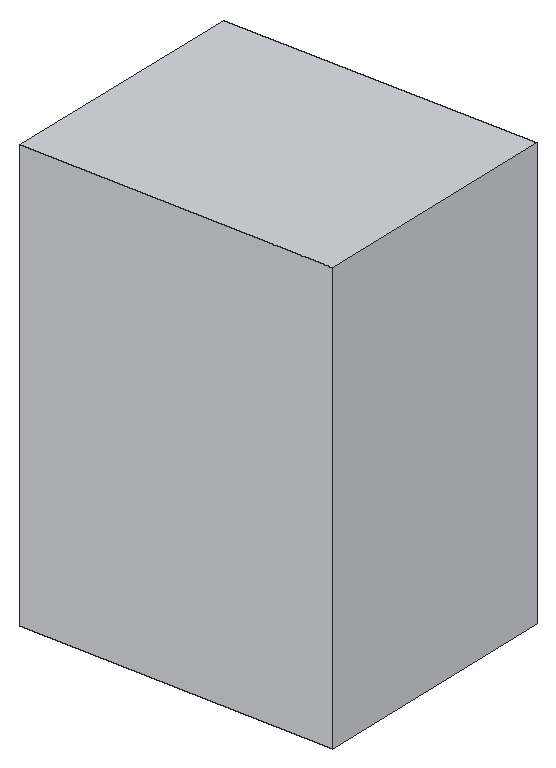
Revit family "CVC_PAC_Weishaupt_WWP-S-35-IDR", category Equipement de génie climatique, Revit 2026
Family settings
  Cote de connecteur circulaire = Utiliser le diamètre
  Type d'élément = Normal
  Basée sur le plan de construction = Non
  Toujours verticalement = Oui
  Couper avec des vides une fois chargée = Non
  Conserver l'orientation des annotations = Non
  Partagée = Non
  Repère de localisation dans la pièce = Non
Parameters (values of type "Standard")
  Modèle = "WWP S 35 IDR"
  Fabricant = "Weishaupt"
  Elévation par défaut = 0 mm
  Description = "PAC eau glycolee/eau 35 kW chaud, 40 kW froid (CCTP lot 12 ; x2)"
  Commentaires du type = "Famille simplifiee creee par l equipe : dimensions APPROXIMATIVES (800x650x1100 mm), a remplacer par celles de la fiche Weishaupt"
Reference planes
  plane 1 "Centre (avant/arrière)": y = 0
  plane 2: z = 0
  plane 3 "Centre (gauche/droite)": x = 0
Forms (mm)
  Extrusion 1, solid
    sketch origin (0, 0, 0) x (1, 0, 0) y (0, 1, 0)
      loop
        line (-400, -325) -> (400, -325) -> (400, 325) -> (-400, 325) -> (-400, -325)
    from 0 to 1100
  Extrusion 2, solid
    sketch origin (0, 0, 1100) x (1, 0, 0) y (0, 1, 0)
      loop
        circle (-250, -150) r 25
    from 0 to 60
  Extrusion 3, solid
    sketch origin (0, 0, 1100) x (1, 0, 0) y (0, 1, 0)
      loop
        circle (-120, -150) r 25
    from 0 to 60
  Extrusion 4, solid
    sketch origin (0, 0, 1100) x (1, 0, 0) y (0, 1, 0)
      loop
        circle (120, -150) r 25
    from 0 to 60
  Extrusion 5, solid
    sketch origin (0, 0, 1100) x (1, 0, 0) y (0, 1, 0)
      loop
        circle (250, -150) r 25
    from 0 to 60
Dimensions and locks
  aligned and locked: level to plane 2
Connectors
  piping at (-250, -150, 1160), diameter 50
    settings: on Extrusion 2, index 1, connector inside diameter 609.6 mm, connector length 0 mm, flow factor 0, pipe flow 0.0 L/s, pressure drop 0.0 Pa, fitting loss kfactor 0, connector angle 0.00°, fixture units 0, engagement length 0 mm, angle of deflection 0.00°, flow configuration 0, flow direction 0, fitting loss method 0, system type 7, joint type 0, gender type 0, connector reference index -1, connector utility 0, adjustable connector no, is connector primary yes, connector description "Depart chauffage/froid"
  piping at (-120, -150, 1160), diameter 50
    settings: on Extrusion 3, index 2, connector inside diameter 609.6 mm, connector length 0 mm, flow factor 0, pipe flow 0.0 L/s, pressure drop 0.0 Pa, fitting loss kfactor 0, connector angle 0.00°, fixture units 0, engagement length 0 mm, angle of deflection 0.00°, flow configuration 0, flow direction 0, fitting loss method 0, system type 8, joint type 0, gender type 0, connector reference index -1, connector utility 0, adjustable connector no, is connector primary no, connector description "Retour chauffage/froid"
  piping at (120, -150, 1160), diameter 50
    settings: on Extrusion 4, index 3, connector inside diameter 609.6 mm, connector length 0 mm, flow factor 0, pipe flow 0.0 L/s, pressure drop 0.0 Pa, fitting loss kfactor 0, connector angle 0.00°, fixture units 0, engagement length 0 mm, angle of deflection 0.00°, flow configuration 0, flow direction 0, fitting loss method 0, system type 22, joint type 0, gender type 0, connector reference index -1, connector utility 0, adjustable connector no, is connector primary no, connector description "Depart sondes geothermiques"
  piping at (250, -150, 1160), diameter 50
    settings: on Extrusion 5, index 4, connector inside diameter 609.6 mm, connector length 0 mm, flow factor 0, pipe flow 0.0 L/s, pressure drop 0.0 Pa, fitting loss kfactor 0, connector angle 0.00°, fixture units 0, engagement length 0 mm, angle of deflection 0.00°, flow configuration 0, flow direction 0, fitting loss method 0, system type 22, joint type 0, gender type 0, connector reference index -1, connector utility 0, adjustable connector no, is connector primary no, connector description "Retour sondes geothermiques"
